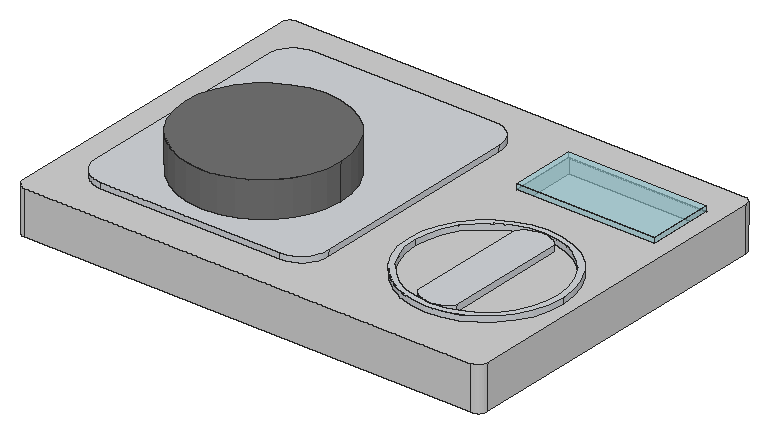
Revit family "Building-IEC309Connections-GEWISS-44IB-INTERLOCKED-SOCKET-OUTLETS_IP44_WITHOUT_BOTTOM", category Apparecchi elettrici, host Superficie, Revit 2019
Family settings
  Host = Superficie
  Mantenere orientamento annotazione = Sì
  Quota connettore circolare = Usa diametro
  Tipo di parte = Normale
  Taglio con vuoti quando caricato = No
  Condiviso = No
  Punto di calcolo locali = Sì
Parameters (values of type "GW66122 - 32A 3P+N+E 500V H.INT.SOCK.O.N.B. 7H SBF")
  visibilita posizionamento 2d [instance] = yes
  simbolo acceso [instance] = yes
  oggetto in pianta [instance] = not(visibilita posizionamento 2d)  # no
  distanza_simbolo [instance] = 1 mm
  distanza dal piano [instance] = 10 mm
  Working temperature = "-25 ÷ +40 °C"
  With back-mounting box = "No"
  W = 115 mm  # constant formula
  Voltaggio = 0 V
  Version file RFA = "21.4"
  VETRO = Vetro
  URL = "https://www.gewiss.com/ww/en"
  Typology = "Horizontal"
  Thermo-pressure with ball = "125 °C"
  Technical sheet = "https://www.gewiss.com/ww/en/search?q=GW66122"
  Spostamento_effettivo_S [instance] = 4000 mm - Spostamento_S  # 3500 mm
  Spostamento_S = 500 mm
  Simbolo circuito [instance] = not(simbolo acceso)  # no
  Shock resistance = "IK08"
  STRUTTURA ALTA = blue
  STRUTTURA = RAL - 7035
  SEO = "Socket outlet"
  Reference h = "7"
  Realized by GEWISS S.p.A. = ""
  Rated voltage = "480-500V"
  Rated frequency (Hz) = "50/60 Hz"
  Rated current (In) = "32"
  Rated current (A) = "32"
  Protection = "NO (SBF)"
  Default Elevation = 1219.2 mm
  Produttore = "GEWISS S.p.A."
  PRESA = Giallo
  POMELLO = bianco
  Operating temperature: = "-25 +40 °C"
  Number of poles = "3P+N+E"
  No. of poles = "3P+N+E"
  N_poli = 1
  Modello = "GW66122"
  L = 155 mm  # constant formula
  Immagine tipo = IP44.jpg
  IP degree = "IP44"
  IDT = "ec1a1901-e242-435b-8cd0-c029da0151fc"
  IDF = "e04837b6-ddbd-45f3-abac-050fc58771e5"
  Glow wire test: = "850 °C (active parts) - 650 °C (passive parts)"
  Glow Wire Test = "850 °C (active parts) - 650 °C (passive parts)"
  Frequency = "50/60 Hz"
  FORMULA = 1000 mm * 1  # 1000 mm
  Electrocod = "2220"
  EAN code = "8011564029286"
  Descrizione = "32A 3P+N+E 500V H.INT.SOCK.O.N.B. 7H SBF"
  Colour: = "Black"
  Colour = "Black"
  Catalogue Range = "44 IB"
  Catalogue = "BUILDING"
  COBie.Tagnumber = ""
  COBie.CreatedOn = ""
  COBie.CreatebBy = ""
  COBie.ComponentRegisterItemID = ""
  COBie.Component.TagNumber = ""
  COBie.Component.Space = ""
  COBie.Component.SerialNumber = ""
  COBie.Component.InstallationDate = ""
  COBie.Component.Description = ""
  COBie.Component.BarCode = ""
  BLOCCO = "B=C"
Types (22, lengths in mm): name | Technical sheet | Reference h | Rated voltage | Rated current (In) | Rated current (A) | Number of poles | No. of poles | Modello | IDT | EAN code | Descrizione | Colour: | Colour
  GW66101 - 16A 2P+E 110V H.INT.SOCK.O.N.B. 4H SBF | "https://www.gewiss.com/ww/en/search?q=GW66101" | "4" | "100-130V" | "16" | "16" | "2P+E" | "2P+E" | "GW66101" | "2c57154b-6e8f-4376-a74e-49afbf6dba93" | "8011564029071" | "16A 2P+E 110V H.INT.SOCK.O.N.B. 4H SBF" | "Yellow" | "Yellow"
  GW66102 - 16A 3P+E 110V H.INT.SOCK.O.N.B. 4H SBF | "https://www.gewiss.com/ww/en/search?q=GW66102" | "4" | "100-130V" | "16" | "16" | "3P+E" | "3P+E" | "GW66102" | "2e4dcdfe-6199-4545-9901-9bd4a19a4244" | "8011564029088" | "16A 3P+E 110V H.INT.SOCK.O.N.B. 4H SBF" | "Yellow" | "Yellow"
  GW66103 - 16A 3P+N+E 110V H.INT.SOCK.O.N.B. 4H SBF | "https://www.gewiss.com/ww/en/search?q=GW66103" | "4" | "100-130V" | "16" | "16" | "3P+N+E" | "3P+N+E" | "GW66103" | "0e5336a2-8baf-4959-8192-12b888eb230a" | "8011564029095" | "16A 3P+N+E 110V H.INT.SOCK.O.N.B. 4H SBF" | "Yellow" | "Yellow"
  GW66104 - 16A 2P+E 230V H.INT.SOCK.O.N.B. 6H SBF | "https://www.gewiss.com/ww/en/search?q=GW66104" | "6" | "200-250V" | "16" | "16" | "2P+E" | "2P+E" | "GW66104" | "faebfb30-8dbf-4413-992a-bb2ae1c264e7" | "8011564029101" | "16A 2P+E 230V H.INT.SOCK.O.N.B. 6H SBF" | "Blue" | "Blue"
  GW66105 - 16A 3P+E 230V H.INT.SOCK.O.N.B. 9H SBF | "https://www.gewiss.com/ww/en/search?q=GW66105" | "9" | "200-250V" | "16" | "16" | "3P+E" | "3P+E" | "GW66105" | "81b5f5ee-9308-41bc-b5f0-8b8ad92b0aaa" | "8011564029118" | "16A 3P+E 230V H.INT.SOCK.O.N.B. 9H SBF" | "Blue" | "Blue"
  GW66106 - 16A 3P+N+E 230V H.INT.SOCK.O.N.B. 9H SBF | "https://www.gewiss.com/ww/en/search?q=GW66106" | "9" | "200-250V" | "16" | "16" | "3P+N+E" | "3P+N+E" | "GW66106" | "3ba0a6b4-9b79-41e2-859e-a0e4b9216ad2" | "8011564029125" | "16A 3P+N+E 230V H.INT.SOCK.O.N.B. 9H SBF" | "Blue" | "Blue"
  GW66107 - 16A 2P+E 400V H.INT.SOCK.O.N.B. 9H SBF | "https://www.gewiss.com/ww/en/search?q=GW66107" | "9" | "380-415V" | "16" | "16" | "2P+E" | "2P+E" | "GW66107" | "2c082bb2-9b14-4527-90ca-9b3a4cddb2d8" | "8011564029132" | "16A 2P+E 400V H.INT.SOCK.O.N.B. 9H SBF" | "Red" | "Red"
  GW66108 - 16A 3P+E 400V H.INT.SOCK.O.N.B. 6H SBF | "https://www.gewiss.com/ww/en/search?q=GW66108" | "6" | "380-415V" | "16" | "16" | "3P+E" | "3P+E" | "GW66108" | "af3b7597-9b04-4bd2-8853-f24eeaf5e48f" | "8011564029149" | "16A 3P+E 400V H.INT.SOCK.O.N.B. 6H SBF" | "Red" | "Red"
  GW66109 - 16A 3P+N+E 400V H.INT.SOCK.O.N.B. 6H SBF | "https://www.gewiss.com/ww/en/search?q=GW66109" | "6" | "380-415V" | "16" | "16" | "3P+N+E" | "3P+N+E" | "GW66109" | "fc1599a9-e022-48eb-bcb1-8fa93df7b1e3" | "8011564029156" | "16A 3P+N+E 400V H.INT.SOCK.O.N.B. 6H SBF" | "Red" | "Red"
  GW66110 - 16A 3P+E 500V H.INT.SOCK.O.N.B. 7H SBF | "https://www.gewiss.com/ww/en/search?q=GW66110" | "7" | "480-500V" | "16" | "16" | "3P+E" | "3P+E" | "GW66110" | "e0f76f22-e4a4-4e83-9e50-8da0e47f48b1" | "8011564029163" | "16A 3P+E 500V H.INT.SOCK.O.N.B. 7H SBF" | "Black" | "Black"
  GW66111 - 16A 3P+N+E 500V H.INT.SOCK.O.N.B. 7H SBF | "https://www.gewiss.com/ww/en/search?q=GW66111" | "7" | "480-500V" | "16" | "16" | "3P+N+E" | "3P+N+E" | "GW66111" | "903b2cdf-f064-43a9-9ae1-8c35cb1cb176" | "8011564029170" | "16A 3P+N+E 500V H.INT.SOCK.O.N.B. 7H SBF" | "Black" | "Black"
  GW66112 - 32A 2P+E 110V H.INT.SOCK.O.N.B. 4H SBF | "https://www.gewiss.com/ww/en/search?q=GW66112" | "4" | "100-130V" | "32" | "32" | "2P+E" | "2P+E" | "GW66112" | "749920ba-19e1-47a4-a17a-b0e2217c7bad" | "8011564029187" | "32A 2P+E 110V H.INT.SOCK.O.N.B. 4H SBF" | "Yellow" | "Yellow"
  GW66113 - 32A 3P+E 110V H.INT.SOCK.O.N.B. 4H SBF | "https://www.gewiss.com/ww/en/search?q=GW66113" | "4" | "100-130V" | "32" | "32" | "3P+E" | "3P+E" | "GW66113" | "c88273c0-7f52-4e46-a9a1-7f2195d0b7ec" | "8011564029194" | "32A 3P+E 110V H.INT.SOCK.O.N.B. 4H SBF" | "Yellow" | "Yellow"
  GW66114 - 32A 3P+N+E 110V H.INT.SOCK.O.N.B. 4H SBF | "https://www.gewiss.com/ww/en/search?q=GW66114" | "4" | "100-130V" | "32" | "32" | "3P+N+E" | "3P+N+E" | "GW66114" | "2264f94a-7d95-4e36-bee5-84696e94de13" | "8011564029200" | "32A 3P+N+E 110V H.INT.SOCK.O.N.B. 4H SBF" | "Yellow" | "Yellow"
  GW66115 - 32A 2P+E 230V H.INT.SOCK.O.N.B. 6H SBF | "https://www.gewiss.com/ww/en/search?q=GW66115" | "6" | "200-250V" | "32" | "32" | "2P+E" | "2P+E" | "GW66115" | "47a8f7f1-c2bc-428f-a89f-26416ded35eb" | "8011564029217" | "32A 2P+E 230V H.INT.SOCK.O.N.B. 6H SBF" | "Blue" | "Blue"
  GW66116 - 32A 3P+E 230V H.INT.SOCK.O.N.B. 9H SBF | "https://www.gewiss.com/ww/en/search?q=GW66116" | "9" | "200-250V" | "32" | "32" | "3P+E" | "3P+E" | "GW66116" | "20c6167c-6b5c-4afd-aac7-f67b2c8f6ac6" | "8011564029224" | "32A 3P+E 230V H.INT.SOCK.O.N.B. 9H SBF" | "Blue" | "Blue"
  GW66117 - 32A 3P+N+E 230V H.INT.SOCK.O.N.B. 9H SBF | "https://www.gewiss.com/ww/en/search?q=GW66117" | "9" | "200-250V" | "32" | "32" | "3P+N+E" | "3P+N+E" | "GW66117" | "47a486cd-2530-4901-b8a5-b20901af88fe" | "8011564029231" | "32A 3P+N+E 230V H.INT.SOCK.O.N.B. 9H SBF" | "Blue" | "Blue"
  GW66118 - 32A 2P+E 400V H.INT.SOCK.O.N.B. 9H SBF | "https://www.gewiss.com/ww/en/search?q=GW66118" | "9" | "380-415V" | "32" | "32" | "2P+E" | "2P+E" | "GW66118" | "d1a211ec-03be-4af2-b4f9-57595c497a65" | "8011564029248" | "32A 2P+E 400V H.INT.SOCK.O.N.B. 9H SBF" | "Red" | "Red"
  GW66119 - 32A 3P+E 400V H.INT.SOCK.O.N.B. 6H SBF | "https://www.gewiss.com/ww/en/search?q=GW66119" | "6" | "380-415V" | "32" | "32" | "3P+E" | "3P+E" | "GW66119" | "a2350075-c39d-4262-98a6-6289c475db69" | "8011564029255" | "32A 3P+E 400V H.INT.SOCK.O.N.B. 6H SBF" | "Red" | "Red"
  GW66120 - 32A 3P+N+E 400V H.INT.SOCK.O.N.B. 6H SBF | "https://www.gewiss.com/ww/en/search?q=GW66120" | "6" | "380-415V" | "32" | "32" | "3P+N+E" | "3P+N+E" | "GW66120" | "5a64aadd-fef6-49dc-9dc0-17085a4eb21a" | "8011564029262" | "32A 3P+N+E 400V H.INT.SOCK.O.N.B. 6H SBF" | "Red" | "Red"
  GW66121 - 32A 3P+E 500V H.INT.SOCK.O.N.B. 7H SBF | "https://www.gewiss.com/ww/en/search?q=GW66121" | "7" | "480-500V" | "32" | "32" | "3P+E" | "3P+E" | "GW66121" | "557280e8-54a0-4450-88e5-b21a67709d85" | "8011564029279" | "32A 3P+E 500V H.INT.SOCK.O.N.B. 7H SBF" | "Black" | "Black"
  GW66122 - 32A 3P+N+E 500V H.INT.SOCK.O.N.B. 7H SBF | "https://www.gewiss.com/ww/en/search?q=GW66122" | "7" | "480-500V" | "32" | "32" | "3P+N+E" | "3P+N+E" | "GW66122" | "ec1a1901-e242-435b-8cd0-c029da0151fc" | "8011564029286" | "32A 3P+N+E 500V H.INT.SOCK.O.N.B. 7H SBF" | "Black" | "Black"
Reference planes
  plane 1 "Centro (Fronte/Retro)": y = 0
  plane 2: z = 0
  plane 3 "Centro (Sinistra/Destra)": x = 0
  plane 4: x = -3000
  plane 5: x = 500
  plane 6: through (-313.07, 66.247, 1219.2) normal (0.9397, -0.342, 0)
  plane 7: through (-499.796, -177.063, 1219.2) normal (0.342, 0.9397, 0)
  plane 8: through (528.128, 342.051, 1219.2) normal (0.9397, -0.342, 0)
  plane 9: x = -77.5
  plane 10: x = 77.5
  plane 11: y = -57.5
  plane 12: y = 57.5
  plane 13: z = 10
Forms (mm)
  Extrusion 1, solid, detail levels coarse
    sketch origin (-117, 0, 0) x (1, 0, 0) y (0, 1, 0)
      loop
        line (39.5, 57.5) -> (39.5, -57.5) -> (194.5, -57.5) -> (194.5, 57.5) -> (39.5, 57.5)
    from 10 to 37
Lines and regions (mm)
  symbolic lines, visible <- "visibilita posizionamento 2d"
    curve 1: line (-77.5, 0, 10.956) -> (-77.5, 0, 34.5)
    curve 2: line (-77.5, 0, 34.5) -> (77.5, 0, 34.5)
    curve 3: line (77.5, 0, 34.5) -> (77.5, 0, 10.956)
  symbolic lines, visible <- "visibilita posizionamento 2d", not visible
    curve 4: line (-77.5, 0, 0.956) -> (-77.5, 0, 24.5)
    curve 5: line (-77.5, 0, 24.5) -> (77.5, 0, 24.5)
    curve 6: line (77.5, 0, 24.5) -> (77.5, 0, 0.956)
  symbolic lines
    curve 7: line (-77.5, 0, 10.956) -> (77.5, 0, 10.956)
  symbolic lines, not visible
    curve 8: line (-77.5, 0, 0.956) -> (77.5, 0, 0.956)
Text (mm)
  text "B=C*D" at (190.064, 99.613, 0), in view "Livello rif."
Dimensions and locks
  plane 4 to plane 3 "Centro (Sinistra/Destra)" = 3000 mm
  "Spostamento_effettivo_S": plane 4 to plane 5
  equal spacing: plane 9, plane 3 "Centro (Sinistra/Destra)", plane 10
  equal spacing: plane 12, plane 1 "Centro (Fronte/Retro)", plane 11
  "L": plane 9 to plane 10
  "W": plane 12 to plane 11
  "distanza dal piano": plane 13 to plane 2
  angle plane 6 to plane 5 = 20.00°
  angle plane 7 to plane 1 "Centro (Fronte/Retro)" = 20.00°
  angle plane 8 to plane 7 = 90.00°
  aligned and locked: plane 2 to host face
  aligned and locked: level to host face
  aligned and locked: nested 1 to plane 5
  aligned and locked: plane 1 "Centro (Fronte/Retro)" to nested 2
  aligned and locked: plane 9 to Extrusion 1
  aligned and locked: Extrusion 1 to plane 10
  aligned and locked: plane 12 to Extrusion 1
  aligned and locked: Extrusion 1 to plane 11
  aligned and locked: Extrusion 1 to plane 13
  aligned and locked: plane 3 "Centro (Sinistra/Destra)" to nested 2
  aligned and locked: plane 5 to nested 3
  aligned and locked: Extrusion 1 to nested 2
  aligned and locked: curve 1 to plane 9
  aligned and locked: plane 10 to curve 3
Automatic sketch dimensions
  host sketch curve to host sketch curve = 2438.4 mm  (x2)
  Extrusion 1 sketch curve to plane 3 "Centro (Sinistra/Destra)" = 77.5 mm
  plane 3 "Centro (Sinistra/Destra)" to Extrusion 1 sketch curve = 77.5 mm
  plane 1 "Centro (Fronte/Retro)" to Extrusion 1 sketch curve = 57.5 mm
  Extrusion 1 sketch curve to plane 1 "Centro (Fronte/Retro)" = 57.5 mm
  curve 3 to curve 2 = 23.544 mm
  curve 1 to curve 3 = 155 mm
  curve 6 to curve 5 = 23.544 mm
  curve 4 to curve 6 = 155 mm
Nested families
  nested 1: "PRESAINDPFUS" at (500, 247.795, 0), SIMBOLO ACCESO <- "simbolo acceso", Distanza dal muro <- "distanza_simbolo", visible <- "simbolo acceso", type "3P"
    with SIMBOLO ACCESO yes, Distanza dal muro 1 mm, BORDO ACCESO yes
  nested 2: "base_44IB PRESE INTERBLOC ORIZ NO FONDO IP44" at (0, 0, 10), type "base_44IB PRESE INTERBLOC ORIZ NO FONDO IP44", detail levels medium+fine
  nested 3: "simbolo_circuitoGW66201N" at (500.924, 249.682, 0), Distanza dal muro <- "distanza_simbolo", visible <- "Simbolo circuito", type "3P"
    with SIMBOLO ACCESO yes, Distanza dal muro 1 mm, BORDO ACCESO yes
Connectors
  electrical at (0, -57.5, 23.5), driven by "N_poli", driven by "Voltaggio"
    settings: on Extrusion 1, index 1, voltage 0 V, apparent load 0 VA, apparent load phase1 0 VA, apparent load phase2 0 VA, apparent load phase3 0 VA, power factor 1, load classification "Altro", number of poles 1, system type 31, power factor state 1, is connector primary yes, connector utility no, sub classification motor no, connector description ""
Definition of nested family "base_44IB PRESE INTERBLOC ORIZ NO FONDO IP44"
  Parameters (values of type "base_44IB PRESE INTERBLOC ORIZ NO FONDO IP44")
    Vetro = none
    Struttura = none
    Spessore = 160 mm
    Default Elevation = 14 mm
    Presa = none
    Lunghezza = 155 mm  # constant formula
    IFC.TypeObject = ""
    IFC.ExportType = ""
    IFC.ExportAs = ""
    H_da terra = 586.883 mm
    COBie.CreatedOn = ""
    COBie.CreatebBy = ""
    COBie.ComponentRegisterItemID = ""
    COBie.Component.TagNumber = ""
    COBie.Component.Space = ""
    COBie.Component.SerialNumber = ""
    COBie.Component.InstallationDate = ""
    COBie.Component.Description = ""
    COBie.Component.BarCode = ""
    Altezza = 115 mm  # constant formula
  Reference planes
    plane 1 "Centro (Fronte/Retro)": y = 0
    plane 2: z = 0
    plane 3 "Centro (Sinistra/Destra)": x = 0
    plane 4: z = 27
    plane 5: x = -74.75
    plane 6: x = -77.5
    plane 7: x = 74.75
    plane 8: x = 77.5
    plane 9: y = 57.5
    plane 10: y = -57.5
    plane 11: y = 42.91
    plane 12: y = 21.876
    plane 13: y = -42.91
    plane 14: x = 9.502
    plane 15: x = -65.25
    plane 16: x = -28.836
    plane 17: y = -12.5
    plane 18: z = 0
    plane 19: z = 15.758
    plane 20: z = 14
    plane 21: z = 9.424
  Forms (mm)
    Extrusion 1, solid, material <- "Struttura"
      sketch origin (0, -661.883, 0) x (1, 0, 0) y (0, 1, 0)
        loop
          line (-74.75, 713.634) -> (-74.75, 610.133)
          arc (-74.75, 610.133) -> (-73.872, 608.012) -> (-71.751, 607.133) r 3
          line (-71.751, 607.133) -> (71.751, 607.133)
          arc (71.751, 607.133) -> (73.872, 608.012) -> (74.75, 610.133) r 3
          line (74.75, 610.133) -> (74.75, 713.634)
          arc (74.75, 713.634) -> (73.872, 715.755) -> (71.751, 716.633) r 3
          line (71.751, 716.633) -> (-71.751, 716.633)
          arc (-71.751, 716.633) -> (-73.872, 715.755) -> (-74.75, 713.634) r 3
      from 0 to 14
    Extrusion 2, solid
      sketch origin (15.318, -702.206, 0) x (1, 0, 0) y (0, 1, 0)
        loop
          circle (30.751, 685.605) r 24.739
        loop
          circle (30.751, 685.605) r 22.94
      from 14 to 15.758
    Extrusion 3, solid
      sketch origin (-5.886, -706.709, 0) x (1, 0, 0) y (0, 1, 0)
        loop
          arc (45.579, 670.621) -> (51.876, 667.405) -> (58.173, 670.621) r 7.774
          line (58.173, 670.621) -> (58.173, 709.539)
          arc (58.173, 709.539) -> (51.876, 712.754) -> (45.579, 709.539) r 7.774
          line (45.579, 709.539) -> (45.579, 670.621)
      from 14 to 15.758
    Extrusion 4, solid
      sketch origin (0, -674.005, 0) x (1, 0, 0) y (0, 1, 0)
        loop
          line (-24.677, 717.125) -> (-56.674, 716.915)
          arc (-56.674, 716.915) -> (-62.738, 714.403) -> (-65.25, 708.339) r 8.576
          line (-65.25, 708.339) -> (-65.25, 639.666)
          arc (-65.25, 639.666) -> (-62.74, 633.606) -> (-56.68, 631.096) r 8.57
          line (-56.68, 631.096) -> (0.692, 631.096)
          arc (0.692, 631.096) -> (6.921, 633.676) -> (9.502, 639.905) r 8.81
          line (9.502, 639.905) -> (9.502, 708.235)
          arc (9.502, 708.235) -> (6.898, 714.521) -> (0.611, 717.125) r 8.89
          line (0.611, 717.125) -> (-24.677, 717.125)
      from 14 to 15.758
    Extrusion 5, solid, material <- "Presa"
      sketch origin (0, -677.755, 0) x (1, 0, 0) y (0, 1, 0)
        loop
          circle (-28.836, 665.255) r 25
      from 14 to 27
    Extrusion 6, void
      sketch origin (0, -661.883, 0) x (1, 0, 0) y (0, 1, 0)
        loop
          line (69.272, 704.793) -> (25, 704.793) -> (25, 683.759) -> (69.272, 683.759) -> (69.272, 704.793)
      from 9.424 to 14
    Extrusion 7, solid, material <- "Vetro"
      sketch origin (3.168, -571.883, 0) x (1, 0, 0) y (0, 1, 0)
        loop
          line (21.832, 614.793) -> (21.832, 593.759) -> (66.104, 593.759) -> (66.104, 614.793) -> (21.832, 614.793)
      from 14 to 15.758
  Cuts and joins
    Extrusion 6 cuts Extrusion 1
  Dimensions and locks
    locked: plane 6 to plane 5 at 2.75
    locked: plane 7 to plane 8 at 2.75
    "Lunghezza": plane 6 to plane 8
    equal spacing: plane 10, plane 1 "Centro (Fronte/Retro)", plane 9
    equal spacing: plane 6, plane 3 "Centro (Sinistra/Destra)", plane 8
    locked: plane 11 to plane 12 at 21.034
    equal spacing: plane 11, plane 1 "Centro (Fronte/Retro)", plane 13
    plane 11 to plane 13 = 85.819 mm
    plane 10 to plane 17 = 45 mm
    plane 18 to level = 0 mm
    locked: plane 18 to plane 20 at 14
    locked: plane 20 to plane 4 at 13
    plane 18 to plane 4 = 27 mm
    locked: plane 20 to plane 19 at 1.758
    locked: plane 21 to plane 20 at 4.576
    aligned and locked: level to plane 2
    aligned and locked: Extrusion 2 to Extrusion 1
    aligned and locked: Extrusion 6 sketch curve to Extrusion 7
    aligned and locked: cut or joined group of Extrusion 1, Extrusion 6 to Extrusion 7
    aligned and locked: Extrusion 7 sketch curve to plane 11
    aligned and locked: plane 12 to Extrusion 7 sketch curve
    aligned and locked: Extrusion 4 sketch curve to plane 13
    aligned and locked: plane 15 to Extrusion 4 sketch curve
    aligned and locked: Extrusion 4 sketch curve to plane 14
    aligned and locked: plane 17 to Extrusion 5 sketch curve
    aligned and locked: plane 16 to Extrusion 5 sketch curve
    aligned and locked: plane 11 to Extrusion 6 sketch curve
    aligned and locked: cut or joined group of Extrusion 1, Extrusion 6 to plane 20
    aligned and locked: plane 18 to cut or joined group of Extrusion 1, Extrusion 6
    aligned and locked: plane 20 to Extrusion 4
    aligned and locked: plane 20 to Extrusion 3
    aligned and locked: plane 20 to Extrusion 5
    aligned and locked: Extrusion 3 to plane 19
    aligned and locked: Extrusion 2 to plane 19
    aligned and locked: plane 4 to Extrusion 5
    aligned and locked: Extrusion 1 to Extrusion 6
    aligned and locked: Extrusion 4 to Extrusion 7
    aligned and locked: Extrusion 2 to Extrusion 7
    aligned and locked: plane 21 to cut or joined group of Extrusion 1, Extrusion 6
    aligned and locked: Extrusion 4 to plane 19
  Automatic sketch dimensions
    Extrusion 1 sketch curve to plane 5 = 0 mm
    Extrusion 1 sketch curve to plane 7 = 0 mm
    Extrusion 1 sketch curve to plane 5 = 3 mm  (x2)
    Extrusion 1 sketch curve to Extrusion 1 sketch curve = 3 mm
    plane 7 to Extrusion 1 sketch curve = 3 mm
    Extrusion 1 sketch curve to plane 10 = 2.75 mm
    plane 9 to Extrusion 1 sketch curve = 5.749 mm
    Extrusion 2 sketch curve to Extrusion 2 sketch curve = 0 mm  (x2)
    plane 7 to Extrusion 2 sketch curve = 28.681 mm
    plane 9 to Extrusion 2 sketch curve = 74.101 mm
    Extrusion 4 sketch curve to Extrusion 4 sketch curve = 8.57 mm
    Extrusion 4 sketch curve to Extrusion 4 sketch curve = 8.576 mm
    Extrusion 4 sketch curve to Extrusion 4 sketch curve = 8.81 mm
    Extrusion 4 sketch curve to Extrusion 4 sketch curve = 8.89 mm
    plane 3 "Centro (Sinistra/Destra)" to Extrusion 6 sketch curve = 25 mm
    plane 3 "Centro (Sinistra/Destra)" to Extrusion 7 sketch curve = 25 mm
    plane 7 to Extrusion 7 sketch curve = 5.478 mm
    Extrusion 4 sketch curve to plane 11 = 0 mm
    Extrusion 4 sketch curve to plane 11 = 8.68 mm
    Extrusion 4 sketch curve to plane 3 "Centro (Sinistra/Destra)" = 24.677 mm
    Extrusion 3 sketch curve to plane 13 = 6.821 mm  (x2)
    plane 14 to Extrusion 3 sketch curve = 30.191 mm
    Extrusion 3 sketch curve to Extrusion 3 sketch curve = 6.297 mm  (x2)
    plane 1 "Centro (Fronte/Retro)" to Extrusion 3 sketch curve = 1.729 mm
    Extrusion 3 sketch curve to Extrusion 3 sketch curve = 4.559 mm
    Extrusion 3 sketch curve to plane 1 "Centro (Fronte/Retro)" = 2.83 mm
    Extrusion 6 sketch curve to plane 12 = 0 mm
    radius of Extrusion 2 sketch curve = 24.739 mm
    radius of Extrusion 2 sketch curve = 22.94 mm
    radius of Extrusion 5 sketch curve = 25 mm
Definition of nested family "PRESAINDPFUS"
  Parameters (values of type "2P")
    SIMBOLO ACCESO [instance] = yes
    SIMBOLO = PRESAINDPFUS_BASE : 2P
    Distanza dal muro [instance] = 0 mm
    BORDO ACCESO [instance] = yes
  Types (2, lengths in mm): name | SIMBOLO
    2P | PRESAINDPFUS_BASE : 2P
    3P | PRESAINDPFUS_BASE : 3P
  Reference planes
    plane 1: y = 0
    plane 2: x = 0
  Dimensions and locks
    "Distanza dal muro": plane 1 to nested 1
    aligned and locked: plane 2 to nested 1
  Nested families
    nested 1: "PRESAINDPFUS_BASE" at (0, 0, 0), type <- "SIMBOLO", CORNICE SIMBOLO <- "BORDO ACCESO", visible <- "SIMBOLO ACCESO", type "2P"
  Definition of nested family "PRESAINDPFUS_BASE"
    Parameters (values of type "3P")
      CORNICE SIMBOLO [instance] = yes
      3P = yes
    Types (2, lengths in mm): name | 3P
      3P | yes
      2P | no
    Reference planes
      plane 1: y = 0
      plane 2: x = 0
    Lines and regions (mm)
      detail lines, visible <- "CORNICE SIMBOLO"
        curve 1: line (-0.9, 2.4, 0) -> (0.9, 2.4, 0)
        curve 2: line (0.9, 2.4, 0) -> (0.9, 0.1, 0)
        curve 3: line (0.9, 0.1, 0) -> (-0.9, 0.1, 0)
        curve 4: line (-0.9, 0.1, 0) -> (-0.9, 2.4, 0)
      detail lines, not visible
        curve 5: line (-2.443, 10.208, 0) -> (2.057, 10.208, 0)
        curve 6: line (2.057, 10.208, 0) -> (2.057, 4.208, 0)
        curve 7: line (2.057, 4.208, 0) -> (-2.443, 4.208, 0)
        curve 8: line (-2.443, 4.208, 0) -> (-2.443, 10.208, 0)
        curve 9: line (-2.043, 9.808, 0) -> (1.657, 9.808, 0)
        curve 10: line (1.657, 9.808, 0) -> (1.657, 4.608, 0)
        curve 11: line (1.657, 4.608, 0) -> (-2.043, 4.608, 0)
        curve 12: line (-2.043, 4.608, 0) -> (-2.043, 9.808, 0)
      detail lines
        curve 13: line (-0.45, 1.069, 0) -> (-0.167, 1.069, 0)
        curve 14: line (-0.167, 1.069, 0) -> (0.33, 1.929, 0)
        curve 15: line (0.33, 1.929, 0) -> (0.836, 1.636, 0)
        curve 16: line (-0.167, 1.069, 0) -> (-0.45, 0.578, 0)
        curve 17: line (-0.45, 0.578, 0) -> (-0.45, 2.341, 0)
        curve 18: line (0.135, 1.591, 0) -> (0.641, 1.299, 0)
        curve 19: line (-0.84, 0.578, 0) -> (-0.06, 0.578, 0)
        curve 20: line (-0.45, 0.952, 0) -> (-0.333, 1.069, 0)
        curve 21: line (-0.45, 0.883, 0) -> (-0.264, 1.069, 0)
        curve 22: line (-0.45, 0.814, 0) -> (-0.195, 1.069, 0)
        curve 23: line (-0.45, 0.745, 0) -> (-0.223, 0.972, 0)
        curve 24: line (-0.45, 0.676, 0) -> (-0.317, 0.809, 0)
        curve 26: arc (-0.84, 0.189, 0) -> (-0.45, 0.578, 0) -> (-0.06, 0.189, 0) r 0.39
        curve 27: line (-0.608, 1.243, 0) -> (-0.608, 2.064, 0)
        curve 28: line (-0.608, 2.064, 0) -> (-0.292, 2.064, 0)
        curve 29: line (-0.292, 2.064, 0) -> (-0.292, 1.243, 0)
        curve 30: line (-0.292, 1.243, 0) -> (-0.608, 1.243, 0)
      detail lines, visible <- "3P"
        curve 25: line (-0.06, 1.254, 0) -> (0.446, 0.961, 0)
Definition of nested family "simbolo_circuitoGW66201N"
  Parameters (values of type "3P")
    SIMBOLO ACCESO [instance] = yes
    SIMBOLO = PRESAINDSTAGNA_BASE : 3P
    Distanza dal muro [instance] = 0 mm
    BORDO ACCESO [instance] = yes
  Reference planes
    plane 1: y = 0
    plane 2: x = 0
  Dimensions and locks
    "Distanza dal muro": plane 1 to nested 1
    aligned and locked: plane 2 to nested 1
  Nested families
    nested 1: "GW66201N-simb_base_di circuito" at (0, 0, 0), visible <- "SIMBOLO ACCESO", type "3P"
      with CORNICE SIMBOLO yes
  Definition of nested family "GW66201N-simb_base_di circuito"
    Parameters (values of type "3P")
      CORNICE SIMBOLO [instance] = yes
      3P = yes
    Types (2, lengths in mm): name | 3P
      3P | yes
      2P | no
    Reference planes
      plane 1: y = 0
      plane 2: x = 0
    Lines and regions (mm)
      detail lines, not visible
        curve 1: line (-2.443, 10.208, 0) -> (2.057, 10.208, 0)
        curve 2: line (2.057, 10.208, 0) -> (2.057, 4.208, 0)
        curve 3: line (2.057, 4.208, 0) -> (-2.443, 4.208, 0)
        curve 4: line (-2.443, 4.208, 0) -> (-2.443, 10.208, 0)
        curve 5: line (-2.043, 9.808, 0) -> (1.657, 9.808, 0)
        curve 6: line (1.657, 9.808, 0) -> (1.657, 4.608, 0)
        curve 7: line (1.657, 4.608, 0) -> (-2.043, 4.608, 0)
        curve 8: line (-2.043, 4.608, 0) -> (-2.043, 9.808, 0)
    Dimensions and locks
      aligned and locked: import instance to plane 2
      aligned and locked: plane 1 to import instance
